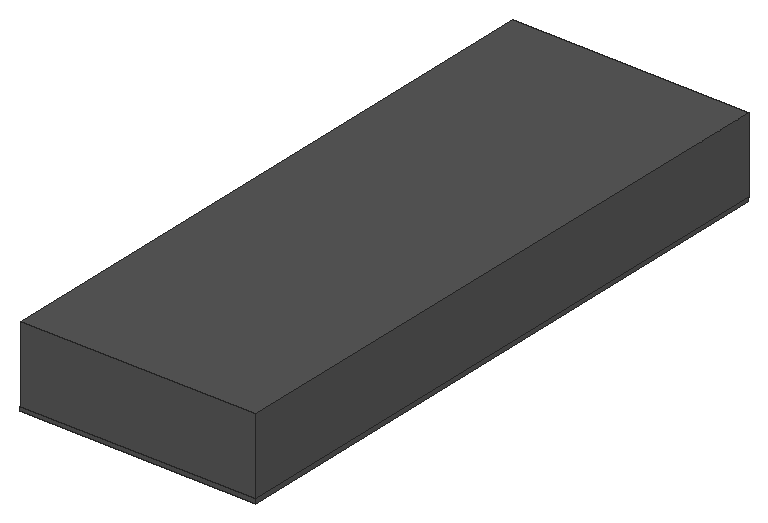
Revit family "ERA_LF_PR_SPP-503", category Осветительные приборы, Revit 2019 (continued)
Definition of nested family "LF_ИС_Пр_SPP-503"
  Parameters (values of type "SPP-503-0-50K-030")
      355 359.1 363.5 368.1 372.7 377.2 381.6 385.7 389.6 393.1 396.2 398.9 401 402.6 403.6 403.9 403.4 402.1 400 397 393.1 388.3 382.5 375.7 368.1 359.5 350 339.5 328.1 316 303.1 289.5 275.3 260.4 244.9 228.9 212.6 195.9 178.9 161.9 145.1 129 114 100.3 88.1 77.4 68 60 53.1 47.3 42.5 38.4 34.8 31.6 28.8 26.3 24.1 22.2 20.5 18.9 17.4 16 14.8 13.6 12.5 11.6 10.8 10.1 9.4 8.6 7.8 6.9 5.8 4.6 3.4 2.3 1.3 0.6 0.3 0.3\r\n321.5 321.5 322 322.9 324.2 325.8 327.7 330 332.7 335.6 338.6 341.4 345.2 351 358.4 365.5 371.1 375.5 380.1 385.2 390.4 395.4 400.3 405 409.7 414.1 418.2 422 425.3 428.3 430.6 432.1 432.8 432.8 431.8 429.8 426.8 422.7 417.5 411.2 403.6 394.8 384.6 373.1 360.3 346.1 330.5 313.7 295.8 277 257.2 236.8 216.1 195.5 175.6 156.5 138.4 121.5 105.8 91.6 78.9 67.8 58.4 50.4 43.7 38.1 33.3 29.3 25.8 22.7 19.9 17.4 15.2 13.6 12.4 11.6 10.9 10.3 9.7 9 8.2 7.2 6.2 5.3 4.4 3.5 2.6 1.8 1.2 0.7 0.6\r\n321.5 321.4 321.6 322 322.9 324.3 326.3 329 332.1 335.5 339 342.5 346.1 350.1 354.5 359.2 364 369.1 374.4 380 385.8 391.7 397.8 403.9 410.2 416.7 423.1 429.6 436 442.2 448.1 453.6 458.7 463.6 468.1 472.1 475.3 477.6 479.3 480.1 480.1 478.8 476.3 472.7 467.7 461.1 452.9 443.1 431.9 419.2 404.6 387.9 369.4 349.1 327.6 304.9 281.6 257.8 233.9 210 186.5 163.6 141.6 120.8 101.6 84.2 68.9 55.6 43.9 34 26.2 20.7 17 14.5 12.8 11.5 10.4 9.4 8.7 8.1 7.6 7.2 6.7 6.2 5.6 4.8 3.8 2.8 1.9 1.2 0.6\r\n321.5 321.8 322.4 323.2 324.4 325.8 327.5 329.5 331.9 334.5 337.6 341.1 344.9 349 353.2 357.6 362.4 367.5 372.9 378.5 384.5 390.8 397.5 404.4 411.4 418.7 426.3 433.9 441.7 449.4 457.1 464.8 472.6 480.4 488.2 496.1 504 511.7 519.1 526.1 532.6 538.5 543.7 548 551.3 553.6 554.8 554.7 553.2 550.2 545.3 538.4 529.3 518 504.4 488.5 470.1 449.3 425.9 399.7 370.3 337.5 301.6 263.2 223.1 182.4 142.6 106.3 76.3 53.7 38.3 29.1 24.1 20.6 17.6 14.9 12.8 11 9.6 8.4 7.4 6.6 5.9 5.2 4.4 3.6 2.8 2.1 1.5 1 0.6\r\n321.5 321.8 322.5 323.4 324.6 326.2 328 330.2 332.6 335.4 338.5 341.9 345.5 349.5 353.7 358.1 362.9 367.9 373.2 378.7 384.6 390.8 397.3 404.1 411 418.1 425.4 432.8 440.3 448 455.8 463.7 471.8 480.1 488.6 497.3 506 514.7 523.3 531.7 540 548 555.7 563 569.9 576.2 581.9 586.9 591.3 595 597.7 599.2 599.5 598.4 595.5 590.5 582.6 571.3 555.9 535.6 509.2 475.9 435.1 386.6 331.3 271.7 211 155.2 110.6 79.3 58.9 46.8 39.6 34.2 28.9 23.9 19.3 15.3 12 9.3 7.5 6.4 5.8 5 4.1 3.1 2.4 1.9 1.5 1.2 1\r\n"
    built-in parameter 1150133 = 10 (stored number, unit not read)
    Wattage = 20.1963 W
    built-in parameter 1150139 = (empty or 0)
    Корпус_Ширина = 50.00 mm
    Default Elevation = 1000.00 mm
    Корпус_Длина = 50.00 mm
    built-in parameter 1150138 = (empty or 0)
    built-in parameter 1150107 = 5000 (stored number, unit not read)
    built-in parameter 1150102 = (empty or 0)
    Emit from Rectangle Width = Корпус_Длина  # 50.00 mm
    Emit from Rectangle Length = Корпус_Ширина  # 50.00 mm
    Emit Shape Visible in Rendering = no
  Types (5, lengths in mm): name | Корпус_Центр | Photometric Web File | built-in parameter 1150105 | Lumens | built-in parameter 1150106 | built-in parameter 1150142 | Wattage
    SPP-503-0-50K-120 | 369.391 | "SPP-503-0-50K-120.ies" | 450.03 (stored number, unit not read) | 10800 lm | 4.5003 (stored number, unit not read) | "IESNA:LM-63-1995\r\n[DATA] 05.10.2020\r\n[MANUFAC]??РА\r\n[LUMCAT] \r\n[LUMINAIRE] SPP-503-0-50K-120\r\n[LAMP] Светодиодный модуль\r\nTILT=NONE\r\n1 11380 11.38 91 37 1 2 0.57 0.17 0.05\r\n1 1 122.37\r\n0 1 2 3 4 5 6 7 8 9 10 11 12 13 14 15 16 17 18 19 20 21 22 23 24 25 26 27 28 29 30 31 32 33 34 35 36 37 38 39 40 41 42 43 44 45 46 47 48 49 50 51 52 53 54 55 56 57 58 59 60 61 62 63 64 65 66 67 68 69 70 71 72 73 74 75 76 77 78 79 80 81 82 83 84 85 86 87 88 89 90 \r\n0 10 20 30 40 50 60 70 80 90 100 110 120 130 140 150 160 170 180 190 200 210 220 230 240 250 260 270 280 290 300 310 320 330 340 350 360 \r\n330.4 330.3 330.4 330.5 330.9 331.9 332.5 332.5 333.5 334.4 335.7 336.8 338.5 340 341.6 343.5 345.5 347.1 348.5 350.4 352 353.9 356.7 359.1 361.9 364.7 366.6 369.5 371.5 375.6 378.5 382.2 385.3 387.4 391.2 395.4 398.9 402.4 406.3 410.4 414.9 419.5 423.8 427.9 432 435.9 439.8 444 448.2 452.7 456.9 460.7 463.9 467 469.8 472.1 473.6 474 474.2 474.1 473.1 469.7 465.2 459.9 450.9 437.1 417.7 390.3 354.8 316 276 236 197.8 160.7 123.7 88 56 32.7 20.4 15.2 13.1 11.6 10.5 9.3 7.9 6.5 5.2 4 3.3 0 0\r\n330.4 330.4 330.7 331.2 331.5 331.9 332.3 333.1 334.1 335.2 336.2 337.2 338.5 339.4 341.3 342.7 344.8 346.7 347.9 350 352 354.6 356.2 358.6 361.5 364 366.5 368.6 371.6 374 376.3 379.1 382.5 385.5 388.4 391.5 394.3 397.2 400.6 404.2 407.7 410.6 413.3 416.3 418.9 422.2 424.5 427.2 429.6 431.3 433.5 434.2 435.1 435.7 434.4 432.9 430.6 427.3 424 419.3 412.5 405.1 397.5 387.8 375.3 362.1 344.5 322 295.8 266.3 234.9 202.9 169.3 135.7 103.2 74.9 51.9 34.7 22.9 15.2 10.8 8.4 6.9 5.9 5 4.2 3.5 0 0 0 0\r\n330.4 330 329.5 330.1 330.9 331 331.9 332.6 333 334.1 335.3 336.8 337.7 339.3 340.2 341.9 343.6 345.1 347.3 348.4 350.3 351.7 353.6 355.6 357.3 359 360.9 362.9 364.8 366.6 368.4 369.7 371.7 372.9 374.5 376.2 377.1 378.5 379.7 380.1 380.8 381.3 381.1 380.5 380.6 379.1 377.2 375.4 372.6 369.5 366 361.7 355.7 348.8 341.7 333.9 324.7 314.6 303.5 291.1 278.8 265.2 250.7 234.6 218 200.3 181.8 162.5 142.9 123.5 104.5 86.5 69.4 54.3 42 32.1 24.2 17.8 13.1 9.6 7.2 5.7 4.6 3.9 3.4 0 0 0 0 0 0\r\n330.4 330.6 331 330.9 331.1 331.8 332.5 333.4 334.5 335.2 336.3 336.9 337.5 338.6 340.3 341.5 342.8 343.8 344.8 346.2 347 348.7 350.4 350.6 351.6 353.1 353.7 354 354.2 355.3 355.3 354.9 354.7 354.3 353.7 352.9 351.5 349.2 347 344.9 341.5 337.8 333.8 329.2 323.1 317.1 310.2 302.2 293.5 284.4 274.7 263.4 252.4 240.5 228.1 215.1 202.2 188.8 174.8 160.7 146.7 132.5 117.9 103.8 90 76.8 64.1 52.7 42.5 33.7 26.7 21.1 16.8 13.6 11.2 9.5 8.4 7.6 6.8 6.4 5.9 5.3 4.9 4.3 3.7 3 0 0 0 0 0\r\n330.4 330.3 330.3 330.2 330.4 331 331.7 332.1 332.8 334 334.8 335.1 336.2 337.2 338.5 338.6 339.6 340.7 340.8 341.6 342.4 342.2 342.6 343 342.8 341.9 341.9 341 340.2 338.4 336.2 334.8 332.7 329.6 325.6 321.4 317 312 306.5 299.4 293 284.6 277.3 268.3 258.9 249.1 238.4 227.8 216.5 205.4 194.4 183.1 171.5 160.2 149 137.5 125.8 113.9 102.2 90.6 79.2 68.1 57.8 48.4 40 33 27.2 22.5 19 16.3 14.5 13.1 12.1 11.2 10.5 9.8 9.2 8.6 7.9 7.2 6.5 5.8 5.2 4.6 4 3.3 0 0 0 0 0\r\n330.4 330.5 331 331.4 331.8 332 331.9 332.1 332.6 333.7 334.7 335.6 336 336.6 337.4 337.6 338.2 338.1 338.6 338.7 338.6 337.3 336.5 336.4 334.7 332.8 331.3 328.8 325.4 322.3 318.7 313.7 309.1 303.7 297.9 291.7 284.6 277.2 269.7 261 252.3 243.4 234.2 224.7 215.1 205.5 195.9 185.8 176.4 166.5 156.3 146 135.4 124.6 113.8 102.6 91.9 81 70.4 60.5 51.3 43.2 36.1 30.1 25.2 21.3 18.5 16.4 14.9 13.9 13 12.4 11.7 11.1 10.6 9.9 9.4 8.8 8.3 7.9 7.4 6.7 5.9 4.8 4.1 3.6 3.2 0 0 0 0\r\n330.4 330.1 329.9 330.2 330.7 330.9 330.8 331.5 332.1 332.8 333.6 334.5 334.8 335 335.5 335.4 335.3 334.7 334.9 333.9 333.4 332.3 330.6 328.8 326.3 323.4 320 316.3 311.9 307.3 302.3 296.8 291.2 285 278.2 271.2 263.7 255.8 248.1 240.5 231.8 223.9 215.3 206.6 197.6 188.5 179.4 170 160 149.8 139.1 128.4 117.1 105.7 94.2 82.7 71.8 61.4 51.9 43.5 36 29.8 24.7 20.8 17.9 15.9 14.5 13.5 12.7 12.1 11.4 10.9 10.4 9.8 9.3 8.7 8.2 7.8 7.2 6.7 6.2 5.4 4.8 4.2 3.6 3.1 0 0 0 0 0\r\n330.4 330.1 330.2 330.1 330.6 331.1 331.8 332.2 332.6 332.8 333.1 333.7 334.5 335 334.8 334.9 334.7 334.1 333 331.4 330.3 328.7 325.9 323.6 320.7 316.2 312 308.2 303.2 297.8 292.3 286.6 280.8 274.5 267.3 260.5 254 246.6 239.1 232 224.4 216.1 207.8 199.8 191.1 182 173 163.3 152.9 142.3 131.3 119.7 107.8 95.8 83.9 72.6 61.9 52.1 43.4 35.8 29.4 24.3 20.2 17.5 15.4 14.1 13.3 12.5 11.9 11.3 10.7 10.1 9.4 8.8 8.1 7.4 6.9 6.4 5.8 5.3 4.7 4 3.5 3.2 0 0 0 0 0 0 0\r\n330.4 330.3 330.3 330.6 330.9 331.8 332.2 332.9 332.9 333 333.7 333.4 334 334.3 333.5 333.8 333.8 332.6 331.2 330.4 329.3 327.3 324.4 320.7 316.7 312.5 308.5 304.2 299.5 293.9 287.8 282.3 276.7 270.2 263.7 257.7 250.8 243.7 236.7 229.1 221.4 213.9 205.8 197.5 188.9 180.2 170.9 160.5 150.5 139.9 128.2 116.1 103.6 90.9 78.9 67.2 56.6 46.9 38.3 31.2 25.5 21.1 17.9 15.9 14.5 13.6 12.8 12 11.4 10.7 10.1 9.4 8.6 8.1 7.6 7.1 6.5 6.1 5.6 5.2 4.8 4.4 3.9 3.5 0 0 0 0 0 0 0\r\n330.4 330.6 330.3 330.9 331.2 331.1 332.1 332.5 333 333.3 334 334.2 334.6 334.9 334.9 334.1 333.7 333 331.4 329.7 327.7 325.3 322.6 318.8 314.7 310.7 306.3 301.7 296.5 291.1 285.3 279.5 273.6 267.4 261.1 254.4 247.5 240.3 233.1 225.5 217.9 210.1 202.3 194.1 185.4 176.2 166.6 156.5 145.9 134.7 122.9 110.5 98 85.6 73.7 62.5 52.3 43.3 35.5 29.1 23.9 20.1 17.4 15.5 14.3 13.4 12.7 12 11.6 10.9 10.3 9.5 9 8.7 8.3 7.8 7.2 6.9 6.4 5.9 5.5 4.9 4.4 3.7 3.3 0 0 0 0 0 0\r\n330.4 330.3 330.3 330.6 330.9 331.8 332.2 332.9 332.9 333 333.7 333.4 334 334.3 333.5 333.8 333.8 332.6 331.2 330.4 329.3 327.3 324.4 320.7 316.7 312.5 308.5 304.2 299.5 293.9 287.8 282.3 276.7 270.2 263.7 257.7 250.8 243.7 236.7 229.1 221.4 213.9 205.8 197.5 188.9 180.2 170.9 160.5 150.5 139.9 128.2 116.1 103.6 90.9 78.9 67.2 56.6 46.9 38.3 31.2 25.5 21.1 17.9 15.9 14.5 13.6 12.8 12 11.4 10.7 10.1 9.4 8.6 8.1 7.6 7.1 6.5 6.1 5.6 5.2 4.8 4.4 3.9 3.5 0 0 0 0 0 0 0\r\n330.4 330.1 330.2 330.1 330.6 331.1 331.8 332.2 332.6 332.8 333.1 333.7 334.5 335 334.8 334.9 334.7 334.1 333 331.4 330.3 328.7 325.9 323.6 320.7 316.2 312 308.2 303.2 297.8 292.3 286.6 280.8 274.5 267.3 260.5 254 246.6 239.1 232 224.4 216.1 207.8 199.8 191.1 182 173 163.3 152.9 142.3 131.3 119.7 107.8 95.8 83.9 72.6 61.9 52.1 43.4 35.8 29.4 24.3 20.2 17.5 15.4 14.1 13.3 12.5 11.9 11.3 10.7 10.1 9.4 8.8 8.1 7.4 6.9 6.4 5.8 5.3 4.7 4 3.5 3.2 0 0 0 0 0 0 0\r\n330.4 330.1 329.9 330.2 330.7 330.9 330.8 331.5 332.1 332.8 333.6 334.5 334.8 335 335.5 335.4 335.3 334.7 334.9 333.9 333.4 332.3 330.6 328.8 326.3 323.4 320 316.3 311.9 307.3 302.3 296.8 291.2 285 278.2 271.2 263.7 255.8 248.1 240.5 231.8 223.9 215.3 206.6 197.6 188.5 179.4 170 160 149.8 139.1 128.4 117.1 105.7 94.2 82.7 71.8 61.4 51.9 43.5 36 29.8 24.7 20.8 17.9 15.9 14.5 13.5 12.7 12.1 11.4 10.9 10.4 9.8 9.3 8.7 8.2 7.8 7.2 6.7 6.2 5.4 4.8 4.2 3.6 3.1 0 0 0 0 0\r\n330.4 330.5 331 331.4 331.8 332 331.9 332.1 332.6 333.7 334.7 335.6 336 336.6 337.4 337.6 338.2 338.1 338.6 338.7 338.6 337.3 336.5 336.4 334.7 332.8 331.3 328.8 325.4 322.3 318.7 313.7 309.1 303.7 297.9 291.7 284.6 277.2 269.7 261 252.3 243.4 234.2 224.7 215.1 205.5 195.9 185.8 176.4 166.5 156.3 146 135.4 124.6 113.8 102.6 91.9 81 70.4 60.5 51.3 43.2 36.1 30.1 25.2 21.3 18.5 16.4 14.9 13.9 13 12.4 11.7 11.1 10.6 9.9 9.4 8.8 8.3 7.9 7.4 6.7 5.9 4.8 4.1 3.6 3.2 0 0 0 0\r\n330.4 330.3 330.3 330.2 330.4 331 331.7 332.1 332.8 334 334.8 335.1 336.2 337.2 338.5 338.6 339.6 340.7 340.8 341.6 342.4 342.2 342.6 343 342.8 341.9 341.9 341 340.2 338.4 336.2 334.8 332.7 329.6 325.6 321.4 317 312 306.5 299.4 293 284.6 277.3 268.3 258.9 249.1 238.4 227.8 216.5 205.4 194.4 183.1 171.5 160.2 149 137.5 125.8 113.9 102.2 90.6 79.2 68.1 57.8 48.4 40 33 27.2 22.5 19 16.3 14.5 13.1 12.1 11.2 10.5 9.8 9.2 8.6 7.9 7.2 6.5 5.8 5.2 4.6 4 3.3 0 0 0 0 0\r\n330.4 330.6 331 330.9 331.1 331.8 332.5 333.4 334.5 335.2 336.3 336.9 337.5 338.6 340.3 341.5 342.8 343.8 344.8 346.2 347 348.7 350.4 350.6 351.6 353.1 353.7 354 354.2 355.3 355.3 354.9 354.7 354.3 353.7 352.9 351.5 349.2 347 344.9 341.5 337.8 333.8 329.2 323.1 317.1 310.2 302.2 293.5 284.4 274.7 263.4 252.4 240.5 228.1 215.1 202.2 188.8 174.8 160.7 146.7 132.5 117.9 103.8 90 76.8 64.1 52.7 42.5 33.7 26.7 21.1 16.8 13.6 11.2 9.5 8.4 7.6 6.8 6.4 5.9 5.3 4.9 4.3 3.7 3 0 0 0 0 0\r\n330.4 330 329.5 330.1 330.9 331 331.9 332.6 333 334.1 335.3 336.8 337.7 339.3 340.2 341.9 343.6 345.1 347.3 348.4 350.3 351.7 353.6 355.6 357.3 359 360.9 362.9 364.8 366.6 368.4 369.7 371.7 372.9 374.5 376.2 377.1 378.5 379.7 380.1 380.8 381.3 381.1 380.5 380.6 379.1 377.2 375.4 372.6 369.5 366 361.7 355.7 348.8 341.7 333.9 324.7 314.6 303.5 291.1 278.8 265.2 250.7 234.6 218 200.3 181.8 162.5 142.9 123.5 104.5 86.5 69.4 54.3 42 32.1 24.2 17.8 13.1 9.6 7.2 5.7 4.6 3.9 3.4 0 0 0 0 0 0\r\n330.4 330.4 330.7 331.2 331.5 331.9 332.3 333.1 334.1 335.2 336.2 337.2 338.5 339.4 341.3 342.7 344.8 346.7 347.9 350 352 354.6 356.2 358.6 361.5 364 366.5 368.6 371.6 374 376.3 379.1 382.5 385.5 388.4 391.5 394.3 397.2 400.6 404.2 407.7 410.6 413.3 416.3 418.9 422.2 424.5 427.2 429.6 431.3 433.5 434.2 435.1 435.7 434.4 432.9 430.6 427.3 424 419.3 412.5 405.1 397.5 387.8 375.3 362.1 344.5 322 295.8 266.3 234.9 202.9 169.3 135.7 103.2 74.9 51.9 34.7 22.9 15.2 10.8 8.4 6.9 5.9 5 4.2 3.5 0 0 0 0\r\n330.4 330.3 330.4 330.5 330.9 331.9 332.5 332.5 333.5 334.4 335.7 336.8 338.5 340 341.6 343.5 345.5 347.1 348.5 350.4 352 353.9 356.7 359.1 361.9 364.7 366.6 369.5 371.5 375.6 378.5 382.2 385.3 387.4 391.2 395.4 398.9 402.4 406.3 410.4 414.9 419.5 423.8 427.9 432 435.9 439.8 444 448.2 452.7 456.9 460.7 463.9 467 469.8 472.1 473.6 474 474.2 474.1 473.1 469.7 465.2 459.9 450.9 437.1 417.7 390.3 354.8 316 276 236 197.8 160.7 123.7 88 56 32.7 20.4 15.2 13.1 11.6 10.5 9.3 7.9 6.5 5.2 4 3.3 0 0\r\n330.4 330.4 330.7 331.2 331.5 331.9 332.3 333.1 334.1 335.2 336.2 337.2 338.5 339.4 341.3 342.7 344.8 346.7 347.9 350 352 354.6 356.2 358.6 361.5 364 366.5 368.6 371.6 374 376.3 379.1 382.5 385.5 388.4 391.5 394.3 397.2 400.6 404.2 407.7 410.6 413.3 416.3 418.9 422.2 424.5 427.2 429.6 431.3 433.5 434.2 435.1 435.7 434.4 432.9 430.6 427.3 424 419.3 412.5 405.1 397.5 387.8 375.3 362.1 344.5 322 295.8 266.3 234.9 202.9 169.3 135.7 103.2 74.9 51.9 34.7 22.9 15.2 10.8 8.4 6.9 5.9 5 4.2 3.5 0 0 0 0\r\n330.4 330 329.5 330.1 330.9 331 331.9 332.6 333 334.1 335.3 336.8 337.7 339.3 340.2 341.9 343.6 345.1 347.3 348.4 350.3 351.7 353.6 355.6 357.3 359 360.9 362.9 364.8 366.6 368.4 369.7 371.7 372.9 374.5 376.2 377.1 378.5 379.7 380.1 380.8 381.3 381.1 380.5 380.6 379.1 377.2 375.4 372.6 369.5 366 361.7 355.7 348.8 341.7 333.9 324.7 314.6 303.5 291.1 278.8 265.2 250.7 234.6 218 200.3 181.8 162.5 142.9 123.5 104.5 86.5 69.4 54.3 42 32.1 24.2 17.8 13.1 9.6 7.2 5.7 4.6 3.9 3.4 0 0 0 0 0 0\r\n330.4 330.6 331 330.9 331.1 331.8 332.5 333.4 334.5 335.2 336.3 336.9 337.5 338.6 340.3 341.5 342.8 343.8 344.8 346.2 347 348.7 350.4 350.6 351.6 353.1 353.7 354 354.2 355.3 355.3 354.9 354.7 354.3 353.7 352.9 351.5 349.2 347 344.9 341.5 337.8 333.8 329.2 323.1 317.1 310.2 302.2 293.5 284.4 274.7 263.4 252.4 240.5 228.1 215.1 202.2 188.8 174.8 160.7 146.7 132.5 117.9 103.8 90 76.8 64.1 52.7 42.5 33.7 26.7 21.1 16.8 13.6 11.2 9.5 8.4 7.6 6.8 6.4 5.9 5.3 4.9 4.3 3.7 3 0 0 0 0 0\r\n330.4 330.3 330.3 330.2 330.4 331 331.7 332.1 332.8 334 334.8 335.1 336.2 337.2 338.5 338.6 339.6 340.7 340.8 341.6 342.4 342.2 342.6 343 342.8 341.9 341.9 341 340.2 338.4 336.2 334.8 332.7 329.6 325.6 321.4 317 312 306.5 299.4 293 284.6 277.3 268.3 258.9 249.1 238.4 227.8 216.5 205.4 194.4 183.1 171.5 160.2 149 137.5 125.8 113.9 102.2 90.6 79.2 68.1 57.8 48.4 40 33 27.2 22.5 19 16.3 14.5 13.1 12.1 11.2 10.5 9.8 9.2 8.6 7.9 7.2 6.5 5.8 5.2 4.6 4 3.3 0 0 0 0 0\r\n330.4 330.5 331 331.4 331.8 332 331.9 332.1 332.6 333.7 334.7 335.6 336 336.6 337.4 337.6 338.2 338.1 338.6 338.7 338.6 337.3 336.5 336.4 334.7 332.8 331.3 328.8 325.4 322.3 318.7 313.7 309.1 303.7 297.9 291.7 284.6 277.2 269.7 261 252.3 243.4 234.2 224.7 215.1 205.5 195.9 185.8 176.4 166.5 156.3 146 135.4 124.6 113.8 102.6 91.9 81 70.4 60.5 51.3 43.2 36.1 30.1 25.2 21.3 18.5 16.4 14.9 13.9 13 12.4 11.7 11.1 10.6 9.9 9.4 8.8 8.3 7.9 7.4 6.7 5.9 4.8 4.1 3.6 3.2 0 0 0 0\r\n330.4 330.1 329.9 330.2 330.7 330.9 330.8 331.5 332.1 332.8 333.6 334.5 334.8 335 335.5 335.4 335.3 334.7 334.9 333.9 333.4 332.3 330.6 328.8 326.3 323.4 320 316.3 311.9 307.3 302.3 296.8 291.2 285 278.2 271.2 263.7 255.8 248.1 240.5 231.8 223.9 215.3 206.6 197.6 188.5 179.4 170 160 149.8 139.1 128.4 117.1 105.7 94.2 82.7 71.8 61.4 51.9 43.5 36 29.8 24.7 20.8 17.9 15.9 14.5 13.5 12.7 12.1 11.4 10.9 10.4 9.8 9.3 8.7 8.2 7.8 7.2 6.7 6.2 5.4 4.8 4.2 3.6 3.1 0 0 0 0 0\r\n330.4 330.1 330.2 330.1 330.6 331.1 331.8 332.2 332.6 332.8 333.1 333.7 334.5 335 334.8 334.9 334.7 334.1 333 331.4 330.3 328.7 325.9 323.6 320.7 316.2 312 308.2 303.2 297.8 292.3 286.6 280.8 274.5 267.3 260.5 254 246.6 239.1 232 224.4 216.1 207.8 199.8 191.1 182 173 163.3 152.9 142.3 131.3 119.7 107.8 95.8 83.9 72.6 61.9 52.1 43.4 35.8 29.4 24.3 20.2 17.5 15.4 14.1 13.3 12.5 11.9 11.3 10.7 10.1 9.4 8.8 8.1 7.4 6.9 6.4 5.8 5.3 4.7 4 3.5 3.2 0 0 0 0 0 0 0\r\n330.4 330.3 330.3 330.6 330.9 331.8 332.2 332.9 332.9 333 333.7 333.4 334 334.3 333.5 333.8 333.8 332.6 331.2 330.4 329.3 327.3 324.4 320.7 316.7 312.5 308.5 304.2 299.5 293.9 287.8 282.3 276.7 270.2 263.7 257.7 250.8 243.7 236.7 229.1 221.4 213.9 205.8 197.5 188.9 180.2 170.9 160.5 150.5 139.9 128.2 116.1 103.6 90.9 78.9 67.2 56.6 46.9 38.3 31.2 25.5 21.1 17.9 15.9 14.5 13.6 12.8 12 11.4 10.7 10.1 9.4 8.6 8.1 7.6 7.1 6.5 6.1 5.6 5.2 4.8 4.4 3.9 3.5 0 0 0 0 0 0 0\r\n330.4 330.6 330.3 330.9 331.2 331.1 332.1 332.5 333 333.3 334 334.2 334.6 334.9 334.9 334.1 333.7 333 331.4 329.7 327.7 325.3 322.6 318.8 314.7 310.7 306.3 301.7 296.5 291.1 285.3 279.5 273.6 267.4 261.1 254.4 247.5 240.3 233.1 225.5 217.9 210.1 202.3 194.1 185.4 176.2 166.6 156.5 145.9 134.7 122.9 110.5 98 85.6 73.7 62.5 52.3 43.3 35.5 29.1 23.9 20.1 17.4 15.5 14.3 13.4 12.7 12 11.6 10.9 10.3 9.5 9 8.7 8.3 7.8 7.2 6.9 6.4 5.9 5.5 4.9 4.4 3.7 3.3 0 0 0 0 0 0\r\n330.4 330.3 330.3 330.6 330.9 331.8 332.2 332.9 332.9 333 333.7 333.4 334 334.3 333.5 333.8 333.8 332.6 331.2 330.4 329.3 327.3 324.4 320.7 316.7 312.5 308.5 304.2 299.5 293.9 287.8 282.3 276.7 270.2 263.7 257.7 250.8 243.7 236.7 229.1 221.4 213.9 205.8 197.5 188.9 180.2 170.9 160.5 150.5 139.9 128.2 116.1 103.6 90.9 78.9 67.2 56.6 46.9 38.3 31.2 25.5 21.1 17.9 15.9 14.5 13.6 12.8 12 11.4 10.7 10.1 9.4 8.6 8.1 7.6 7.1 6.5 6.1 5.6 5.2 4.8 4.4 3.9 3.5 0 0 0 0 0 0 0\r\n330.4 330.1 330.2 330.1 330.6 331.1 331.8 332.2 332.6 332.8 333.1 333.7 334.5 335 334.8 334.9 334.7 334.1 333 331.4 330.3 328.7 325.9 323.6 320.7 316.2 312 308.2 303.2 297.8 292.3 286.6 280.8 274.5 267.3 260.5 254 246.6 239.1 232 224.4 216.1 207.8 199.8 191.1 182 173 163.3 152.9 142.3 131.3 119.7 107.8 95.8 83.9 72.6 61.9 52.1 43.4 35.8 29.4 24.3 20.2 17.5 15.4 14.1 13.3 12.5 11.9 11.3 10.7 10.1 9.4 8.8 8.1 7.4 6.9 6.4 5.8 5.3 4.7 4 3.5 3.2 0 0 0 0 0 0 0\r\n330.4 330.1 329.9 330.2 330.7 330.9 330.8 331.5 332.1 332.8 333.6 334.5 334.8 335 335.5 335.4 335.3 334.7 334.9 333.9 333.4 332.3 330.6 328.8 326.3 323.4 320 316.3 311.9 307.3 302.3 296.8 291.2 285 278.2 271.2 263.7 255.8 248.1 240.5 231.8 223.9 215.3 206.6 197.6 188.5 179.4 170 160 149.8 139.1 128.4 117.1 105.7 94.2 82.7 71.8 61.4 51.9 43.5 36 29.8 24.7 20.8 17.9 15.9 14.5 13.5 12.7 12.1 11.4 10.9 10.4 9.8 9.3 8.7 8.2 7.8 7.2 6.7 6.2 5.4 4.8 4.2 3.6 3.1 0 0 0 0 0\r\n330.4 330.5 331 331.4 331.8 332 331.9 332.1 332.6 333.7 334.7 335.6 336 336.6 337.4 337.6 338.2 338.1 338.6 338.7 338.6 337.3 336.5 336.4 334.7 332.8 331.3 328.8 325.4 322.3 318.7 313.7 309.1 303.7 297.9 291.7 284.6 277.2 269.7 261 252.3 243.4 234.2 224.7 215.1 205.5 195.9 185.8 176.4 166.5 156.3 146 135.4 124.6 113.8 102.6 91.9 81 70.4 60.5 51.3 43.2 36.1 30.1 25
      .2 21.3 18.5 16.4 14.9 13.9 13 12.4 11.7 11.1 10.6 9.9 9.4 8.8 8.3 7.9 7.4 6.7 5.9 4.8 4.1 3.6 3.2 0 0 0 0\r\n330.4 330.3 330.3 330.2 330.4 331 331.7 332.1 332.8 334 334.8 335.1 336.2 337.2 338.5 338.6 339.6 340.7 340.8 341.6 342.4 342.2 342.6 343 342.8 341.9 341.9 341 340.2 338.4 336.2 334.8 332.7 329.6 325.6 321.4 317 312 306.5 299.4 293 284.6 277.3 268.3 258.9 249.1 238.4 227.8 216.5 205.4 194.4 183.1 171.5 160.2 149 137.5 125.8 113.9 102.2 90.6 79.2 68.1 57.8 48.4 40 33 27.2 22.5 19 16.3 14.5 13.1 12.1 11.2 10.5 9.8 9.2 8.6 7.9 7.2 6.5 5.8 5.2 4.6 4 3.3 0 0 0 0 0\r\n330.4 330.6 331 330.9 331.1 331.8 332.5 333.4 334.5 335.2 336.3 336.9 337.5 338.6 340.3 341.5 342.8 343.8 344.8 346.2 347 348.7 350.4 350.6 351.6 353.1 353.7 354 354.2 355.3 355.3 354.9 354.7 354.3 353.7 352.9 351.5 349.2 347 344.9 341.5 337.8 333.8 329.2 323.1 317.1 310.2 302.2 293.5 284.4 274.7 263.4 252.4 240.5 228.1 215.1 202.2 188.8 174.8 160.7 146.7 132.5 117.9 103.8 90 76.8 64.1 52.7 42.5 33.7 26.7 21.1 16.8 13.6 11.2 9.5 8.4 7.6 6.8 6.4 5.9 5.3 4.9 4.3 3.7 3 0 0 0 0 0\r\n330.4 330 329.5 330.1 330.9 331 331.9 332.6 333 334.1 335.3 336.8 337.7 339.3 340.2 341.9 343.6 345.1 347.3 348.4 350.3 351.7 353.6 355.6 357.3 359 360.9 362.9 364.8 366.6 368.4 369.7 371.7 372.9 374.5 376.2 377.1 378.5 379.7 380.1 380.8 381.3 381.1 380.5 380.6 379.1 377.2 375.4 372.6 369.5 366 361.7 355.7 348.8 341.7 333.9 324.7 314.6 303.5 291.1 278.8 265.2 250.7 234.6 218 200.3 181.8 162.5 142.9 123.5 104.5 86.5 69.4 54.3 42 32.1 24.2 17.8 13.1 9.6 7.2 5.7 4.6 3.9 3.4 0 0 0 0 0 0\r\n330.4 330.4 330.7 331.2 331.5 331.9 332.3 333.1 334.1 335.2 336.2 337.2 338.5 339.4 341.3 342.7 344.8 346.7 347.9 350 352 354.6 356.2 358.6 361.5 364 366.5 368.6 371.6 374 376.3 379.1 382.5 385.5 388.4 391.5 394.3 397.2 400.6 404.2 407.7 410.6 413.3 416.3 418.9 422.2 424.5 427.2 429.6 431.3 433.5 434.2 435.1 435.7 434.4 432.9 430.6 427.3 424 419.3 412.5 405.1 397.5 387.8 375.3 362.1 344.5 322 295.8 266.3 234.9 202.9 169.3 135.7 103.2 74.9 51.9 34.7 22.9 15.2 10.8 8.4 6.9 5.9 5 4.2 3.5 0 0 0 0\r\n330.4 330.3 330.4 330.5 330.9 331.9 332.5 332.5 333.5 334.4 335.7 336.8 338.5 340 341.6 343.5 345.5 347.1 348.5 350.4 352 353.9 356.7 359.1 361.9 364.7 366.6 369.5 371.5 375.6 378.5 382.2 385.3 387.4 391.2 395.4 398.9 402.4 406.3 410.4 414.9 419.5 423.8 427.9 432 435.9 439.8 444 448.2 452.7 456.9 460.7 463.9 467 469.8 472.1 473.6 474 474.2 474.1 473.1 469.7 465.2 459.9 450.9 437.1 417.7 390.3 354.8 316 276 236 197.8 160.7 123.7 88 56 32.7 20.4 15.2 13.1 11.6 10.5 9.3 7.9 6.5 5.2 4 3.3 0 0\r\n" | 72.7067 W
